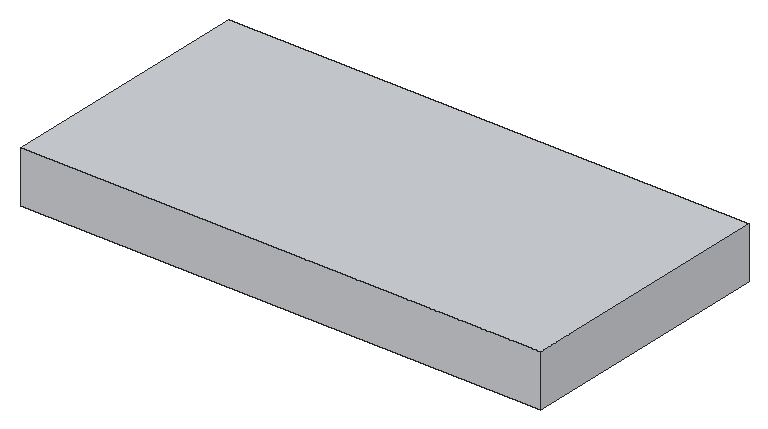
Revit family "BIM_ST_Scaff_SoleBoard_Shared", category Generic Models, Revit 2022
Family settings
  Can host rebar = No
  Round Connector Dimension = Use Diameter
  Part Type = Normal
  Work Plane-Based = No
  Always vertical = Yes
  Cut with Voids When Loaded = No
  Maintain Annotation Orientation = No
  Shared = Yes
  Room Calculation Point = No
Parameters
  Width [instance] = 0 mm
  Length [instance] = 0 mm
  Default Elevation = 0 mm
Reference planes
  plane 1 "Center (Front/Back)": y = 0
  plane 2: z = 0
  plane 3 "Center (Left/Right)": x = 0
Forms (mm)
  Extrusion 1, solid
    sketch origin (0, 0, 0) x (1, 0, 0) y (0, 1, 0)
      loop
        line (-200, -100) -> (200, -100) -> (200, 100) -> (-200, 100) -> (-200, -100)
    from 0 to 40
Dimensions and locks
  aligned and locked: level to plane 2
